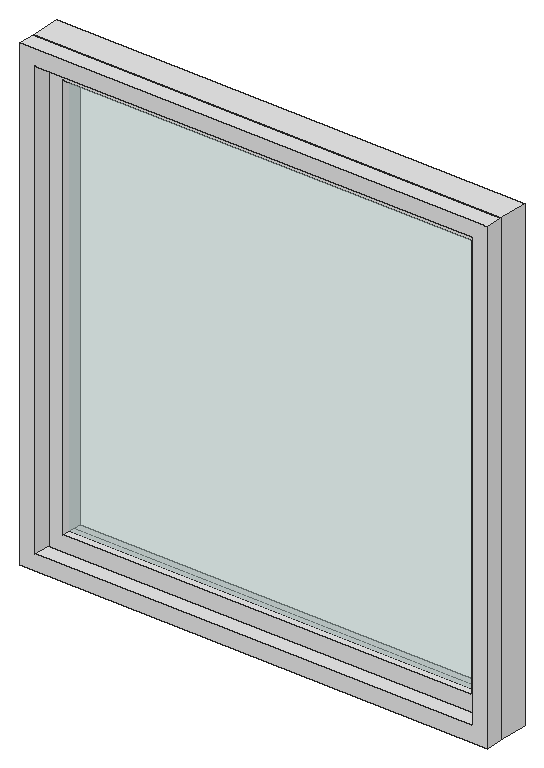
Revit family "Jan_Ext_Bai", category Windows, host Wall, Revit 2025
Family settings
  Host = Wall
  OmniClass Number = 23.30.20.17.21.14
  OmniClass Title = Casement Windows
  Always vertical = Yes
  Cut with Voids When Loaded = No
  Shared = No
  Room Calculation Point = Yes
Parameters (values of type "Janela 1x1")
  Material vidro = CT_Vidros
  Material Esquadrias = CT_Aluminio_Branco
  Keynote = ""
  Height = 1000.00 mm
  Define Thermal Properties by = Schematic Type
  Default Sill Height = Altura_Verga - Height  # 1100.00 mm
  Trim Projection - Ext. = 13.00 mm
  Trim Projection - Int. = 19.00 mm
  Trim Width - Exterior = 89.00 mm
  Trim Width - Interior = 89.00 mm
  Wall Closure = By host
  Width = 1000.00 mm
  Window Inset = 19.00 mm
  Analytic Construction = "<None>"
  Altura_Verga = 2100.00 mm
Reference planes
  plane 1: y = 0
  plane 2: z = 0
  plane 3 "Center": x = 0
  plane 4 "Left": x = -500
  plane 5 "Right": x = 500
  plane 6 "Sill": z = 1100
  plane 7 "Top": z = 2100
  plane 8: y = 50
  plane 9: y = -50
  plane 10: y = 31
  plane 11 "Top": z = 1600
  plane 12: x = -480.95
  plane 13: x = -468.25
  plane 14: x = -569.95
  plane 15: x = -557.25
  plane 16: x = 468.25
  plane 17: x = 480.95
  plane 18: x = 557.25
  plane 19: x = 569.95
  plane 20: z = 2169.95
  plane 21: z = 2157.25
  plane 22: z = 2080.95
  plane 23: z = 2068.25
  plane 24: z = 1131.75
  plane 25: z = 1042.75
  plane 26 "Closure": y = 2.425
Forms (mm)
  Extrusion 1, solid, material "CT_Aluminio_Branco" <- "Material Esquadrias"
    sketch origin (0, 0, 0) x (1, 0, 0) y (0, 0, 1)
      loop
        line (-500, 2100) -> (-500, 1100) -> (500, 1100) -> (500, 2100) -> (-500, 2100)
      loop
        line (-480.95, 2080.95) -> (-480.95, 1119.05) -> (480.95, 1119.05) -> (480.95, 2080.95) -> (-480.95, 2080.95)
    from -50 to 13.45
  Extrusion 2, solid, material "CT_Aluminio_Branco" <- "Material Esquadrias"
    sketch origin (0, 0, 0) x (-1, 0, 0) y (0, 0, 1)
      loop
        line (-500, 2100) -> (-500, 1100) -> (500, 1100) -> (500, 2100) -> (-500, 2100)
      loop
        line (-468.25, 2068.25) -> (-468.25, 1131.75) -> (468.25, 1131.75) -> (468.25, 2068.25) -> (-468.25, 2068.25)
    from -13.45 to -50
  Extrusion 3, solid, material "CT_Aluminio_Branco" <- "Material Esquadrias"
    sketch origin (0, 0, 0) x (-1, 0, 0) y (0, 0, 1)
      loop
        line (-480.95, 2080.95) -> (-480.95, 1119.05) -> (480.95, 1119.05) -> (480.95, 2080.95) -> (-480.95, 2080.95)
      loop
        line (-436.5, 2036.5) -> (-436.5, 1163.5) -> (436.5, 1163.5) -> (436.5, 2036.5) -> (-436.5, 2036.5)
    from -13.45 to 31
  Extrusion 4, solid, material "CT_Vidros" <- "Material vidro"
    sketch origin (-124.971, 0, -117.036) x (1, 0, 0) y (0, 0, 1)
      loop
        line (-311.529, 2153.536) -> (-311.529, 1280.536) -> (561.471, 1280.536) -> (561.471, 2153.536) -> (-311.529, 2153.536)
    from -15.125 to -2.425
Cuts and joins
  joined: Extrusion 1, Extrusion 3
Lines and regions (mm)
  Opening 1
    outline origin (-1524, -50, 0) x (1, 0, 0) y (0, 0, 1)
      loop
        line (1024, 2100) -> (1024, 1100) -> (2024, 1100) -> (2024, 2100) -> (1024, 2100)
  symbolic lines, style "WindowsFrameMullionProjection"
    curve 1: line (-500, 50, 0) -> (-480.95, 50, 0)
    curve 2: line (-480.95, -13.45, 0) -> (-480.95, 50, 0)
    curve 3: line (-480.95, -13.45, 0) -> (-468.25, -13.45, 0)
    curve 4: line (-468.25, -50, 0) -> (-468.25, -13.45, 0)
    curve 5: line (500, 50, 0) -> (480.95, 50, 0)
    curve 6: line (468.25, -13.45, 0) -> (468.25, -50, 0)
    curve 7: line (468.25, -13.45, 0) -> (480.95, -13.45, 0)
    curve 8: line (480.95, -13.45, 0) -> (480.95, 50, 0)
    curve 9: line (-480.95, 31, 0) -> (-436.5, 31, 0)
    curve 10: line (-480.95, 31, 0) -> (-480.95, -13.45, 0)
    curve 11: line (-480.95, -13.45, 0) -> (-436.5, -13.45, 0)
    curve 12: line (-436.5, 31, 0) -> (-436.5, -13.45, 0)
    curve 13: line (480.95, 31, 0) -> (436.5, 31, 0)
    curve 14: line (480.95, 31, 0) -> (480.95, -13.45, 0)
    curve 15: line (480.95, -13.45, 0) -> (436.5, -13.45, 0)
    curve 16: line (436.5, 31, 0) -> (436.5, -13.45, 0)
    curve 18: line (-468.25, -50, 0) -> (-500, -50, 0)
    curve 19: line (468.25, -50, 0) -> (500, -50, 0)
  symbolic lines, style "WindowsGlassProjection"
    curve 17: line (-436.5, 8.775, 0) -> (436.5, 8.775, 0)
Text (mm)
  text "EXTERIOR" at (-1437.207, 772.553, 0), in view "Floor Line"
  text "INTERIOR" at (-1490.695, -608.643, 0), in view "Floor Line"
  text "Exterior" at (0, 1108.87, 3415.022), in view "Left"
  text "Exterior" at (0, 464.664, 3176.206), in view "Right"
Dimensions and locks
  equal spacing: plane 4 "Left", plane 3 "Center", plane 5 "Right"
  "Width": plane 4 "Left" to plane 5 "Right"
  plane 2 to plane 25 to plane 6 "Sill" to plane 11 "Top" to plane 7 "Top" = 1042.75 mm, 57.25 mm, 500.00 mm, 500.00 mm
  "Window Inset": plane 8 to plane 10
  locked: plane 10 to Extrusion 3 at 44.45
  locked: plane 10 to Extrusion 4 at 15.875
  locked: Extrusion 4 to Extrusion 4 at 12.7
  equal spacing: plane 6 "Sill", plane 11 "Top", plane 7 "Top"
  locked: plane 4 "Left" to plane 13 at 31.75
  locked: plane 16 to plane 5 "Right" at 31.75
  locked: plane 4 "Left" to plane 12 at 19.05
  locked: plane 17 to plane 5 "Right" at 19.05
  locked: plane 22 to plane 7 "Top" at 19.05
  "Trim Width - Exterior": plane 22 to plane 20
  "Trim Width - Exterior": plane 17 to plane 19
  "Trim Width - Exterior": plane 14 to plane 12
  locked: plane 7 "Top" to plane 23 at 31.75
  locked: plane 24 to plane 6 "Sill" at 31.75
  "Trim Width - Interior": plane 21 to plane 23
  "Trim Width - Interior": plane 24 to plane 25
  "Trim Width - Interior": plane 15 to plane 13
  "Trim Width - Interior": plane 16 to plane 18
  "Height": plane 7 "Top" to plane 6 "Sill"
  "Default Sill Height": plane 6 "Sill" to plane 2
  locked: plane 8 to plane 26 "Closure" at 47.575
  "Altura_Verga": plane 7 "Top" to level
  aligned and locked: plane 7 "Top" to Opening 1 sketch curve
  aligned and locked: plane 6 "Sill" to Opening 1 sketch curve  (x2)
  aligned and locked: plane 5 "Right" to Opening 1 sketch curve
  aligned and locked: plane 4 "Left" to Opening 1 sketch curve
  aligned and locked: plane 9 to host wall
  aligned and locked: host wall to Extrusion 2
  aligned and locked: plane 10 to Extrusion 3
  aligned and locked: plane 8 to host wall
  aligned and locked: host wall to Extrusion 1
  aligned and locked: Extrusion 2 to Extrusion 1
  aligned and locked: Extrusion 1 to Extrusion 3
  aligned and locked: Extrusion 4 sketch curve to Extrusion 3  (x4)
  aligned and locked: curve 5 to Extrusion 1  (x2)
  aligned and locked: Extrusion 2 to curve 6
  aligned and locked: curve 4 to Extrusion 2
  aligned and locked: curve 16 to Extrusion 3
  aligned and locked: Extrusion 1 to curve 11
  aligned and locked: Extrusion 1 to curve 7
Automatic sketch dimensions
  Extrusion 1 sketch curve to plane 4 "Left" = 0.00 mm
  Extrusion 1 sketch curve to plane 5 "Right" = 0.00 mm
  Extrusion 1 sketch curve to plane 4 "Left" = 19.05 mm
  plane 5 "Right" to Extrusion 1 sketch curve = 19.05 mm
  Extrusion 1 sketch curve to plane 6 "Sill" = 0.00 mm
  Extrusion 1 sketch curve to plane 7 "Top" = 0.00 mm
  Extrusion 1 sketch curve to plane 6 "Sill" = 19.05 mm
  plane 7 "Top" to Extrusion 1 sketch curve = 19.05 mm
  Extrusion 2 sketch curve to plane 5 "Right" = 0.00 mm
  Extrusion 2 sketch curve to plane 4 "Left" = 0.00 mm
  plane 5 "Right" to Extrusion 2 sketch curve = 31.75 mm
  Extrusion 2 sketch curve to plane 4 "Left" = 31.75 mm
  Extrusion 2 sketch curve to plane 6 "Sill" = 0.00 mm
  Extrusion 2 sketch curve to plane 7 "Top" = 0.00 mm
  Extrusion 2 sketch curve to plane 6 "Sill" = 31.75 mm
  plane 7 "Top" to Extrusion 2 sketch curve = 31.75 mm
  plane 5 "Right" to Extrusion 3 sketch curve = 19.05 mm
  plane 5 "Right" to Extrusion 3 sketch curve = 63.50 mm
  Extrusion 3 sketch curve to plane 4 "Left" = 63.50 mm
  Extrusion 3 sketch curve to plane 4 "Left" = 19.05 mm
  Extrusion 3 sketch curve to plane 6 "Sill" = 19.05 mm
  Extrusion 3 sketch curve to plane 6 "Sill" = 63.50 mm
  plane 7 "Top" to Extrusion 3 sketch curve = 63.50 mm
  plane 7 "Top" to Extrusion 3 sketch curve = 19.05 mm
  curve 18 to plane 4 "Left" = 0.00 mm
  curve 1 to plane 4 "Left" = 0.00 mm
  curve 2 to plane 8 = 0.00 mm
  curve 10 to plane 10 = 0.00 mm
  curve 13 to plane 10 = 0.00 mm
  curve 19 to plane 5 "Right" = 0.00 mm
  curve 2 to plane 4 "Left" = 19.05 mm
  curve 9 to curve 12 = 44.45 mm
  plane 5 "Right" to curve 13 = 19.05 mm
  curve 19 to plane 9 = 0.00 mm
  curve 4 to plane 9 = 0.00 mm
  curve 11 to curve 17 = 22.225 mm
